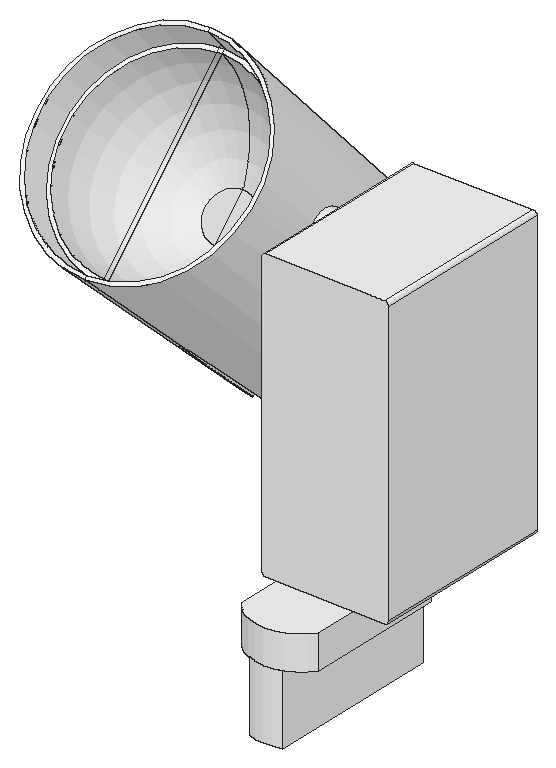
Revit family "0004871 Feilo Sylvania Lighting Fixture START TRACK SPOT S 14W 4K RA90 NB WHITE", category Lighting Fixtures, host Face, Revit 2017 (continued)
Definition of nested family "Start Track Spot Head"
  Types (96, lengths in mm): name | Wattage | built-in parameter 1150134 | Photometric Web File | Model | built-in parameter 1150105 | Lumens | built-in parameter 1150107 | built-in parameter 1150106 | HeadThickness_FEILO | HeadRibOffset_FEILO | HeadRibDepth_FEILO | HeadRibCutWidth_FEILO | HeadRibCutOffset_FEILO | HeadReflectorRadius_FEILO | HeadReflectorOffset_FEILO | HeadLEDRadius_FEILO | HeadHeight_FEILO | HeadDiffusorOffset_FEILO | HeadDiaOut_FEILO | HeadDiaIn_FEILO | HeadAxisFromTop_FEILO | Emit from Circle Diameter | built-in parameter 1150104 | Description | Apparent Load
    0004864 START TRACK SPOT S 24W 3K RA90 WB WHITE | 24 W | (empty or 0) | "0004864.ies" | "START TRACK SPOT S 24W 3K RA90 WB WHITE" | 152.79 (stored number, unit not read) | 1920 lm | 3000 (stored number, unit not read) | 1.5279 (stored number, unit not read) | 1.5 | 4.179 | 55.714 | 7.167 | 50.87 | 50.588 | 55.714 | 9.556 | 117 | 9.435 | 86 | 77.477 | 69.354 | 77.477 | 7.4322 (stored number, unit not read) | "Integrated LED spotlight, Textured White - RAL9016, compact and minimalist design, ideal for retail applications, die-cast aluminium body, passive cooling heatsink. Beam angle: 64°, color temperature: 3000K , total system power: 24W, total fixture output: 1928 lm, LOR: 100%, colour rendering: Ra: 90 typical, LED Chromaticity: 3 step MacAdam ellipse, lifetime: >50000 hours at L70B50, energy class: A++, A+, A, IR/UV free light source without heat radiation, operating voltage: 220-240V / 50-60Hz, drive current: 600mA, electronic driver, non-dimmable, power factor: 0.95, electrical protection: Class II, Global Track 3 Phase adapter suitable for Global trac 3-circuit tracks, ingress protection rating: IP20, suitable for internal environment only, horizontal rotation: 355°, vertical tilt: 90°, dimensions: Ø86x140x200, weight: 0.966kg." | 24 VA
    0004863 START TRACK SPOT S 24W 3K RA90 MB WHITE | 24 W | (empty or 0) | "0004863.ies" | "START TRACK SPOT S 24W 3K RA90 MB WHITE" | 154.7 (stored number, unit not read) | 1944 lm | 3000 (stored number, unit not read) | 1.547 (stored number, unit not read) | 1.5 | 4.179 | 55.714 | 7.167 | 50.87 | 50.588 | 55.714 | 9.556 | 117 | 9.435 | 86 | 77.477 | 69.354 | 77.477 | 7.5251 (stored number, unit not read) | "Integrated LED spotlight, Textured White - RAL9016, compact and minimalist design, ideal for retail applications, die-cast aluminium body, passive cooling heatsink. Beam angle: 36°, color temperature: 3000K , total system power: 24W, total fixture output: 1944 lm, LOR: 100%, colour rendering: Ra: 90 typical, LED Chromaticity: 3 step MacAdam ellipse, lifetime: >50000 hours at L70B50, energy class: A++, A+, A, IR/UV free light source without heat radiation, operating voltage: 220-240V / 50-60Hz, drive current: 600mA, electronic driver, non-dimmable, power factor: 0.95, electrical protection: Class II, Global Track 3 Phase adapter suitable for Global trac 3-circuit tracks, ingress protection rating: IP20, suitable for internal environment only, horizontal rotation: 355°, vertical tilt: 90°, dimensions: Ø86x140x200, weight: 0.966kg." | 24 VA
    0004862 START TRACK SPOT S 24W 3K RA90 NB WHITE | 24 W | (empty or 0) | "0004862.ies" | "START TRACK SPOT S 24W 3K RA90 NB WHITE" | 158.52 (stored number, unit not read) | 1992 lm | 3000 (stored number, unit not read) | 1.5852 (stored number, unit not read) | 1.5 | 4.179 | 55.714 | 7.167 | 50.87 | 50.588 | 55.714 | 9.556 | 117 | 9.435 | 86 | 77.477 | 69.354 | 77.477 | 7.711 (stored number, unit not read) | "Integrated LED spotlight, Textured White - RAL9016, compact and minimalist design, ideal for retail applications, die-cast aluminium body, passive cooling heatsink. Beam angle: 12°, color temperature: 3000K , total system power: 24W, total fixture output: 1987 lm, LOR: 100%, colour rendering: Ra: 90 typical, LED Chromaticity: 3 step MacAdam ellipse, lifetime: >50000 hours at L70B50, energy class: A++, A+, A, IR/UV free light source without heat radiation, operating voltage: 220-240V / 50-60Hz, drive current: 600mA, electronic driver, non-dimmable, power factor: 0.95, electrical protection: Class II, Global Track 3 Phase adapter suitable for Global trac 3-circuit tracks, ingress protection rating: IP20, suitable for internal environment only, horizontal rotation: 355°, vertical tilt: 90°, dimensions: Ø86x140x200, weight: 0.966kg." | 24 VA
    0004861 START TRACK SPOT S 14W 3K RA90 WB WHITE | 14 W | (empty or 0) | "0004861.ies" | "START TRACK SPOT S 14W 3K RA90 WB WHITE" | 100.27 (stored number, unit not read) | 1260 lm | 3000 (stored number, unit not read) | 1.0027 (stored number, unit not read) | 1.5 | 4.179 | 55.714 | 7.167 | 50.87 | 50.588 | 55.714 | 9.556 | 117 | 9.435 | 86 | 77.477 | 69.354 | 77.477 | 8.3613 (stored number, unit not read) | "Integrated LED spotlight, Textured White - RAL9016, compact and minimalist design, ideal for retail applications, die-cast aluminium body, passive cooling heatsink. Beam angle: 64°, color temperature: 3000K , total system power: 14W, total fixture output: 1262 lm, LOR: 100%, colour rendering: Ra: 90 typical, LED Chromaticity: 3 step MacAdam ellipse, lifetime: >50000 hours at L70B50, energy class: A++, A+, A, IR/UV free light source without heat radiation, operating voltage: 220-240V / 50-60Hz, drive current: 350mA, electronic driver, non-dimmable, power factor: 0.92, electrical protection: Class II, Global Track 3 Phase adapter suitable for Global trac 3-circuit tracks, ingress protection rating: IP20, suitable for internal environment only, horizontal rotation: 355°, vertical tilt: 90°, dimensions: Ø86x140x200, weight: 0.940kg." | 14 VA
    0004860 START TRACK SPOT S 14W 3K RA90 MB WHITE | 14 W | (empty or 0) | "0004860.ies" | "START TRACK SPOT S 14W 3K RA90 MB WHITE" | 100.27 (stored number, unit not read) | 1260 lm | 3000 (stored number, unit not read) | 1.0027 (stored number, unit not read) | 1.5 | 4.179 | 55.714 | 7.167 | 50.87 | 50.588 | 55.714 | 9.556 | 117 | 9.435 | 86 | 77.477 | 69.354 | 77.477 | 8.3613 (stored number, unit not read) | "Integrated LED spotlight, Textured White - RAL9016, compact and minimalist design, ideal for retail applications, die-cast aluminium body, passive cooling heatsink. Beam angle: 36°, color temperature: 3000K , total system power: 14W, total fixture output: 1262 lm, LOR: 100%, colour rendering: Ra: 90 typical, LED Chromaticity: 3 step MacAdam ellipse, lifetime: >50000 hours at L70B50, energy class: A++, A+, A, IR/UV free light source without heat radiation, operating voltage: 220-240V / 50-60Hz, drive current: 350mA, electronic driver, non-dimmable, power factor: 0.92, electrical protection: Class II, Global Track 3 Phase adapter suitable for Global trac 3-circuit tracks, ingress protection rating: IP20, suitable for internal environment only, horizontal rotation: 355°, vertical tilt: 90°, dimensions: Ø86x140x200, weight: 0.940kg." | 14 VA
    0004859 START TRACK SPOT S 14W 3K RA90 NB WHITE | 14 W | (empty or 0) | "0004859.ies" | "START TRACK SPOT S 14W 3K RA90 NB WHITE" | 102.5 (stored number, unit not read) | 1288 lm | 3000 (stored number, unit not read) | 1.025 (stored number, unit not read) | 1.5 | 4.179 | 55.714 | 7.167 | 50.87 | 50.588 | 55.714 | 9.556 | 117 | 9.435 | 86 | 77.477 | 69.354 | 77.477 | 8.5471 (stored number, unit not read) | "Integrated LED spotlight, Textured White - RAL9016, compact and minimalist design, ideal for retail applications, die-cast aluminium body, passive cooling heatsink. Beam angle: 12°, color temperature: 3000K , total system power: 14W, total fixture output: 1284 lm, LOR: 100%, colour rendering: Ra: 90 typical, LED Chromaticity: 3 step MacAdam ellipse, lifetime: >50000 hours at L70B50, energy class: A++, A+, A, IR/UV free light source without heat radiation, operating voltage: 220-240V / 50-60Hz, drive current: 350mA, electronic driver, non-dimmable, power factor: 0.92, electrical protection: Class II, Global Track 3 Phase adapter suitable for Global trac 3-circuit tracks, ingress protection rating: IP20, suitable for internal environment only, horizontal rotation: 355°, vertical tilt: 90°, dimensions: Ø86x140x200, weight: 0.940kg." | 14 VA
    0004858 START TRACK SPOT L 55W 4K RA80 WB BLACK | 55 W | 12 | "0004858.ies" | "START TRACK SPOT L 55W 4K RA80 WB BLACK" | 424.55 (stored number, unit not read) | 5335 lm | 4000 (stored number, unit not read) | 4.2455 (stored number, unit not read) | 2 | 4.429 | 59.048 | 9.417 | 53.913 | 66.471 | 59.048 | 12.556 | 124 | 10 | 113 | 101.802 | 73.503 | 101.802 | 9.0116 (stored number, unit not read) | "Integrated LED spotlight, Textured Black - RAL9005, compact and minimalist design, ideal for retail applications, die-cast aluminium body, passive cooling heatsink. Beam angle: 52°, color temperature: 4000K , total system power: 55W, total fixture output: 5320 lm, LOR: 100%, colour rendering: Ra: 80 typical, LED Chromaticity: 3 step MacAdam ellipse, lifetime: >50000 hours at L70B50, energy class: A++, A+, A, IR/UV free light source without heat radiation, operating voltage: 220-240V / 50-60Hz, drive current: 1400mA, electronic driver, non-dimmable, power factor: 0.96, electrical protection: Class II, Global Track 3 Phase adapter suitable for Global trac 3-circuit tracks, ingress protection rating: IP20, suitable for internal environment only, horizontal rotation: 355°, vertical tilt: 90°, dimensions: Ø113x164x240, weight: 1.398kg." | 55 VA
    0004857 START TRACK SPOT L 55W 4K RA80 MB BLACK | 55 W | 12 | "0004857.ies" | "START TRACK SPOT L 55W 4K RA80 MB BLACK" | 428.92 (stored number, unit not read) | 5390 lm | 4000 (stored number, unit not read) | 4.2892 (stored number, unit not read) | 2 | 4.429 | 59.048 | 9.417 | 53.913 | 66.471 | 59.048 | 12.556 | 124 | 10 | 113 | 101.802 | 73.503 | 101.802 | 9.1045 (stored number, unit not read) | "Integrated LED spotlight, Textured Black - RAL9005, compact and minimalist design, ideal for retail applications, die-cast aluminium body, passive cooling heatsink. Beam angle: 38°, color temperature: 4000K , total system power: 55W, total fixture output: 5378 lm, LOR: 100%, colour rendering: Ra: 80 typical, LED Chromaticity: 3 step MacAdam ellipse, lifetime: >50000 hours at L70B50, energy class: A++, A+, A, IR/UV free light source without heat radiation, operating voltage: 220-240V / 50-60Hz, drive current: 1400mA, electronic driver, non-dimmable, power factor: 0.96, electrical protection: Class II, Global Track 3 Phase adapter suitable for Global trac 3-circuit tracks, ingress protection rating: IP20, suitable for internal environment only, horizontal rotation: 355°, vertical tilt: 90°, dimensions: Ø113x164x240, weight: 1.398kg." | 55 VA
    0004856 START TRACK SPOT L 55W 4K RA80 NB BLACK | 55 W | 12 | "0004856.ies" | "START TRACK SPOT L 55W 4K RA80 NB BLACK" | 433.3 (stored number, unit not read) | 5445 lm | 4000 (stored number, unit not read) | 4.333 (stored number, unit not read) | 2 | 4.429 | 59.048 | 9.417 | 53.913 | 66.471 | 59.048 | 12.556 | 124 | 10 | 113 | 101.802 | 73.503 | 101.802 | 9.1974 (stored number, unit not read) | "Integrated LED spotlight, Textured Black - RAL9005, compact and minimalist design, ideal for retail applications, die-cast aluminium body, passive cooling heatsink. Beam angle: 15°, color temperature: 4000K , total system power: 55W, total fixture output: 5426 lm, LOR: 100%, colour rendering: Ra: 80 typical, LED Chromaticity: 3 step MacAdam ellipse, lifetime: >50000 hours at L70B50, energy class: A++, A+, A, IR/UV free light source without heat radiation, operating voltage: 220-240V / 50-60Hz, drive current: 1400mA, electronic driver, non-dimmable, power factor: 0.96, electrical protection: Class II, Global Track 3 Phase adapter suitable for Global trac 3-circuit tracks, ingress protection rating: IP20, suitable for internal environment only, horizontal rotation: 355°, vertical tilt: 90°, dimensions: Ø113x164x240, weight: 1.398kg." | 55 VA
    0004855 START TRACK SPOT L 35W 4K RA80 WB BLACK | 35 W | 12 | "0004855.ies" | "START TRACK SPOT L 35W 4K RA80 WB BLACK" | 320.3 (stored number, unit not read) | 4025 lm | 4000 (stored number, unit not read) | 3.203 (stored number, unit not read) | 2 | 4.429 | 59.048 | 9.417 | 53.913 | 66.471 | 59.048 | 12.556 | 124 | 10 | 113 | 101.802 | 73.503 | 101.802 | 10.684 (stored number, unit not read) | "Integrated LED spotlight, Textured Black - RAL9005, compact and minimalist design, ideal for retail applications, die-cast aluminium body, passive cooling heatsink. Beam angle: 52°, color temperature: 4000K , total system power: 35W, total fixture output: 4010 lm, LOR: 100%, colour rendering: Ra: 80 typical, LED Chromaticity: 3 step MacAdam ellipse, lifetime: >50000 hours at L70B50, energy class: A++, A+, A, IR/UV free light source without heat radiation, operating voltage: 220-240V / 50-60Hz, drive current: 900mA, electronic driver, non-dimmable, power factor: 0.93, electrical protection: Class II, Global Track 3 Phase adapter suitable for Global trac 3-circuit tracks, ingress protection rating: IP20, suitable for internal environment only, horizontal rotation: 355°, vertical tilt: 90°, dimensions: Ø113x164x240, weight: 1.368kg." | 35 VA
    0004854 START TRACK SPOT L 35W 4K RA80 MB BLACK | 35 W | 12 | "0004854.ies" | "START TRACK SPOT L 35W 4K RA80 MB BLACK" | 320.3 (stored number, unit not read) | 4025 lm | 4000 (stored number, unit not read) | 3.203 (stored number, unit not read) | 2 | 4.429 | 59.048 | 9.417 | 53.913 | 66.471 | 59.048 | 12.556 | 124 | 10 | 113 | 101.802 | 73.503 | 101.802 | 10.684 (stored number, unit not read) | "Integrated LED spotlight, Textured Black - RAL9005, compact and minimalist design, ideal for retail applications, die-cast aluminium body, passive cooling heatsink. Beam angle: 38°, color temperature: 4000K , total system power: 35W, total fixture output: 4017 lm, LOR: 100%, colour rendering: Ra: 80 typical, LED Chromaticity: 3 step MacAdam ellipse, lifetime: >50000 hours at L70B50, energy class: A++, A+, A, IR/UV free light source without heat radiation, operating voltage: 220-240V / 50-60Hz, drive current: 900mA, electronic driver, non-dimmable, power factor: 0.93, electrical protection: Class II, Global Track 3 Phase adapter suitable for Global trac 3-circuit tracks, ingress protection rating: IP20, suitable for internal environment only, horizontal rotation: 355°, vertical tilt: 90°, dimensions: Ø113x164x240, weight: 1.368kg." | 35 VA
    0004853 START TRACK SPOT L 35W 4K RA80 NB BLACK | 35 W | 12 | "0004853.ies" | "START TRACK SPOT L 35W 4K RA80 NB BLACK" | 331.44 (stored number, unit not read) | 4165 lm | 4000 (stored number, unit not read) | 3.3144 (stored number, unit not read) | 2 | 4.429 | 59.048 | 9.417 | 53.913 | 66.471 | 59.048 | 12.556 | 124 | 10 | 113 | 101.802 | 73.503 | 101.802 | 11.055 (stored number, unit not read) | "Integrated LED spotlight, Textured Black - RAL9005, compact and minimalist design, ideal for retail applications, die-cast aluminium body, passive cooling heatsink. Beam angle: 15°, color temperature: 4000K , total system power: 35W, total fixture output: 4174 lm, LOR: 100%, colour rendering: Ra: 80 typical, LED Chromaticity: 3 step MacAdam ellipse, lifetime: >50000 hours at L70B50, energy class: A++, A+, A, IR/UV free light source without heat radiation, operating voltage: 220-240V / 50-60Hz, drive current: 900mA, electronic driver, non-dimmable, power factor: 0.93, electrical protection: Class II, Global Track 3 Phase adapter suitable for Global trac 3-circuit tracks, ingress protection rating: IP20, suitable for internal environment only, horizontal rotation: 355°, vertical tilt: 90°, dimensions: Ø113x164x240, weight: 1.368kg." | 35 VA
    0004852 START TRACK SPOT S 24W 4K RA80 WB BLACK | 24 W | 12 | "0004852.ies" | "START TRACK SPOT S 24W 4K RA80 WB BLACK" | 196.72 (stored number, unit not read) | 2472 lm | 4000 (stored number, unit not read) | 1.9672 (stored number, unit not read) | 1.5 | 4.179 | 55.714 | 7.167 | 50.87 | 50.588 | 55.714 | 9.556 | 117 | 9.435 | 86 | 77.477 | 69.354 | 77.477 | 9.569 (stored number, unit not read) | "Integrated LED spotlight, Textured Black - RAL9005, compact and minimalist design, ideal for retail applications, die-cast aluminium body, passive cooling heatsink. Beam angle: 64°, color temperature: 4000K , total system power: 24W, total fixture output: 2476 lm, LOR: 100%, colour rendering: Ra: 80 typical, LED Chromaticity: 3 step MacAdam ellipse, lifetime: >50000 hours at L70B50, energy class: A++, A+, A, IR/UV free light source without heat radiation, operating voltage: 220-240V / 50-60Hz, drive current: 600mA, electronic driver, non-dimmable, power factor: 0.95, electrical protection: Class II, Global Track 3 Phase adapter suitable for Global trac 3-circuit tracks, ingress protection rating: IP20, suitable for internal environment only, horizontal rotation: 355°, vertical tilt: 90°, dimensions: Ø86x140x200, weight: 0.966kg." | 24 VA
    0004851 START TRACK SPOT S 24W 4K RA80 MB BLACK | 24 W | 12 | "0004851.ies" | "START TRACK SPOT S 24W 4K RA80 MB BLACK" | 198.63 (stored number, unit not read) | 2496 lm | 4000 (stored number, unit not read) | 1.9863 (stored number, unit not read) | 1.5 | 4.179 | 55.714 | 7.167 | 50.87 | 50.588 | 55.714 | 9.556 | 117 | 9.435 | 86 | 77.477 | 69.354 | 77.477 | 9.6619 (stored number, unit not read) | "Integrated LED spotlight, Textured Black - RAL9005, compact and minimalist design, ideal for retail applications, die-cast aluminium body, passive cooling heatsink. Beam angle: 36°, color temperature: 4000K , total system power: 24W, total fixture output: 2487 lm, LOR: 100%, colour rendering: Ra: 80 typical, LED Chromaticity: 3 step MacAdam ellipse, lifetime: >50000 hours at L70B50, energy class: A++, A+, A, IR/UV free light source without heat radiation, operating voltage: 220-240V / 50-60Hz, drive current: 600mA, electronic driver, non-dimmable, power factor: 0.95, electrical protection: Class II, Global Track 3 Phase adapter suitable for Global trac 3-circuit tracks, ingress protection rating: IP20, suitable for internal environment only, horizontal rotation: 355°, vertical tilt: 90°, dimensions: Ø86x140x200, weight: 0.966kg." | 24 VA
    0004850 START TRACK SPOT S 24W 4K RA80 NB BLACK | 24 W | 12 | "0004850.ies" | "START TRACK SPOT S 24W 4K RA80 NB BLACK" | 200.54 (stored number, unit not read) | 2520 lm | 4000 (stored number, unit not read) | 2.0054 (stored number, unit not read) | 1.5 | 4.179 | 55.714 | 7.167 | 50.87 | 50.588 | 55.714 | 9.556 | 117 | 9.435 | 86 | 77.477 | 69.354 | 77.477 | 9.7548 (stored number, unit not read) | "Integrated LED spotlight, Textured Black - RAL9005, compact and minimalist design, ideal for retail applications, die-cast aluminium body, passive cooling heatsink. Beam angle: 12°, color temperature: 4000K , total system power: 24W, total fixture output: 2529 lm, LOR: 100%, colour rendering: Ra: 80 typical, LED Chromaticity: 3 step MacAdam ellipse, lifetime: >50000 hours at L70B50, energy class: A++, A+, A, IR/UV free light source without heat radiation, operating voltage: 220-240V / 50-60Hz, drive current: 600mA, electronic driver, non-dimmable, power factor: 0.95, electrical protection: Class II, Global Track 3 Phase adapter suitable for Global trac 3-circuit tracks, ingress protection rating: IP20, suitable for internal environment only, horizontal rotation: 355°, vertical tilt: 90°, dimensions: Ø86x140x200, weight: 0.966kg." | 24 VA
    0004849 START TRACK SPOT S 14W 4K RA80 WB BLACK | 14 W | 12 | "0004849.ies" | "START TRACK SPOT S 14W 4K RA80 WB BLACK" | 123.66 (stored number, unit not read) | 1554 lm | 4000 (stored number, unit not read) | 1.2366 (stored number, unit not read) | 1.5 | 4.179 | 55.714 | 7.167 | 50.87 | 50.588 | 55.714 | 9.556 | 117 | 9.435 | 86 | 77.477 | 69.354 | 77.477 | 10.312 (stored number, unit not read) | "Integrated LED spotlight, Textured Black - RAL9005, compact and minimalist design, ideal for retail applications, die-cast aluminium body, passive cooling heatsink. Beam angle: 64°, color temperature: 4000K , total system power: 14W, total fixture output: 1558 lm, LOR: 100%, colour rendering: Ra: 80 typical, LED Chromaticity: 3 step MacAdam ellipse, lifetime: >50000 hours at L70B50, energy class: A++, A+, A, IR/UV free light source without heat radiation, operating voltage: 220-240V / 50-60Hz, drive current: 350mA, electronic driver, non-dimmable, power factor: 0.92, electrical protection: Class II, Global Track 3 Phase adapter suitable for Global trac 3-circuit tracks, ingress protection rating: IP20, suitable for internal environment only, horizontal rotation: 355°, vertical tilt: 90°, dimensions: Ø86x140x200, weight: 0.940kg." | 14 VA
    0004848 START TRACK SPOT S 14W 4K RA80 MB BLACK | 14 W | 12 | "0004848.ies" | "START TRACK SPOT S 14W 4K RA80 MB BLACK" | 127.01 (stored number, unit not read) | 1596 lm | 4000 (stored number, unit not read) | 1.2701 (stored number, unit not read) | 1.5 | 4.179 | 55.714 | 7.167 | 50.87 | 50.588 | 55.714 | 9.556 | 117 | 9.435 | 86 | 77.477 | 69.354 | 77.477 | 10.591 (stored number, unit not read) | "Integrated LED spotlight, Textured Black - RAL9005, compact and minimalist design, ideal for retail applications, die-cast aluminium body, passive cooling heatsink. Beam angle: 36°, color temperature: 4000K , total system power: 14W, total fixture output: 1598 lm, LOR: 100%, colour rendering: Ra: 80 typical, LED Chromaticity: 3 step MacAdam ellipse, lifetime: >50000 hours at L70B50, energy class: A++, A+, A, IR/UV free light source without heat radiation, operating voltage: 220-240V / 50-60Hz, drive current: 350mA, electronic driver, non-dimmable, power factor: 0.92, electrical protection: Class II, Global Track 3 Phase adapter suitable for Global trac 3-circuit tracks, ingress protection rating: IP20, suitable for internal environment only, horizontal rotation: 355°, vertical tilt: 90°, dimensions: Ø86x140x200, weight: 0.940kg." | 14 VA
    0004847 START TRACK SPOT S 14W 4K RA80 NB BLACK | 14 W | 12 | "0004847.ies" | "START TRACK SPOT S 14W 4K RA80 NB BLACK" | 128.12 (stored number, unit not read) | 1610 lm | 4000 (stored number, unit not read) | 1.2812 (stored number, unit not read) | 1.5 | 4.179 | 55.714 | 7.167 | 50.87 | 50.588 | 55.714 | 9.556 | 117 | 9.435 | 86 | 77.477 | 69.354 | 77.477 | 10.684 (stored number, unit not read) | "Integrated LED spotlight, Textured Black - RAL9005, compact and minimalist design, ideal for retail applications, die-cast aluminium body, passive cooling heatsink. Beam angle: 12°, color temperature: 4000K , total system power: 14W, total fixture output: 1608 lm, LOR: 100%, colour rendering: Ra: 80 typical, LED Chromaticity: 3 step MacAdam ellipse, lifetime: >50000 hours at L70B50, energy class: A++, A+, A, IR/UV free light source without heat radiation, operating voltage: 220-240V / 50-60Hz, drive current: 350mA, electronic driver, non-dimmable, power factor: 0.92, electrical protection: Class II, Global Track 3 Phase adapter suitable for Global trac 3-circuit tracks, ingress protection rating: IP20, suitable for internal environment only, horizontal rotation: 355°, vertical tilt: 90°, dimensions: Ø86x140x200, weight: 0.940kg." | 14 VA
    0004846 START TRACK SPOT L 55W 3K RA80 WB BLACK | 55 W | (empty or 0) | "0004846.ies" | "START TRACK SPOT L 55W 3K RA80 WB BLACK" | 420.17 (stored number, unit not read) | 5280 lm | 3000 (stored number, unit not read) | 4.2017 (stored number, unit not read) | 2 | 4.429 | 59.048 | 9.417 | 53.913 | 66.471 | 59.048 | 12.556 | 124 | 10 | 113 | 101.802 | 73.503 | 101.802 | 8.9187 (stored number, unit not read) | "Integrated LED spotlight, Textured Black - RAL9005, compact and minimalist design, ideal for retail applications, die-cast aluminium body, passive cooling heatsink. Beam angle: 52°, color temperature: 3000K , total system power: 55W, total fixture output: 5298 lm, LOR: 100%, colour rendering: Ra: 80 typical, LED Chromaticity: 3 step MacAdam ellipse, lifetime: >50000 hours at L70B50, energy class: A++, A+, A, IR/UV free light source without heat radiation, operating voltage: 220-240V / 50-60Hz, drive current: 1400mA, electronic driver, non-dimmable, power factor: 0.96, electrical protection: Class II, Global Track 3 Phase adapter suitable for Global trac 3-circuit tracks, ingress protection rating: IP20, suitable for internal environment only, horizontal rotation: 355°, vertical tilt: 90°, dimensions: Ø113x164x240, weight: 1.398kg." | 55 VA
    0004845 START TRACK SPOT L 55W 3K RA80 MB BLACK | 55 W | (empty or 0) | "0004845.ies" | "START TRACK SPOT L 55W 3K RA80 MB BLACK" | 428.92 (stored number, unit not read) | 5390 lm | 3000 (stored number, unit not read) | 4.2892 (stored number, unit not read) | 2 | 4.429 | 59.048 | 9.417 | 53.913 | 66.471 | 59.048 | 12.556 | 124 | 10 | 113 | 101.802 | 73.503 | 101.802 | 9.1045 (stored number, unit not read) | "Integrated LED spotlight, Textured Black - RAL9005, compact and minimalist design, ideal for retail applications, die-cast aluminium body, passive cooling heatsink. Beam angle: 38°, color temperature: 3000K , total system power: 55W, total fixture output: 5381 lm, LOR: 100%, colour rendering: Ra: 80 typical, LED Chromaticity: 3 step MacAdam ellipse, lifetime: >50000 hours at L70B50, energy class: A++, A+, A, IR/UV free light source without heat radiation, operating voltage: 220-240V / 50-60Hz, drive current: 1400mA, electronic driver, non-dimmable, power factor: 0.96, electrical protection: Class II, Global Track 3 Phase adapter suitable for Global trac 3-circuit tracks, ingress protection rating: IP20, suitable for internal environment only, horizontal rotation: 355°, vertical tilt: 90°, dimensions: Ø113x164x240, weight: 1.398kg." | 55 VA
    0004844 START TRACK SPOT L 55W 3K RA80 NB BLACK | 55 W | (empty or 0) | "0004844.ies" | "START TRACK SPOT L 55W 3K RA80 NB BLACK" | 433.3 (stored number, unit not read) | 5445 lm | 3000 (stored number, unit not read) | 4.333 (stored number, unit not read) | 2 | 4.429 | 59.048 | 9.417 | 53.913 | 66.471 | 59.048 | 12.556 | 124 | 10 | 113 | 101.802 | 73.503 | 101.802 | 9.1974 (stored number, unit not read) | "Integrated LED spotlight, Textured Black - RAL9005, compact and minimalist design, ideal for retail applications, die-cast aluminium body, passive cooling heatsink. Beam angle: 15°, color temperature: 3000K , total system power: 55W, total fixture output: 5449 lm, LOR: 100%, colour rendering: Ra: 80 typical, LED Chromaticity: 3 step MacAdam ellipse, lifetime: >50000 hours at L70B50, energy class: A++, A+, A, IR/UV free light source without heat radiation, operating voltage: 220-240V / 50-60Hz, drive current: 1400mA, electronic driver, non-dimmable, power factor: 0.96, electrical protection: Class II, Global Track 3 Phase adapter suitable for Global trac 3-circuit tracks, ingress protection rating: IP20, suitable for internal environment only, horizontal rotation: 355°, vertical tilt: 90°, dimensions: Ø113x164x240, weight: 1.398kg." | 55 VA
    0004843 START TRACK SPOT L 35W 3K RA80 WB BLACK | 35 W | (empty or 0) | "0004843.ies" | "START TRACK SPOT L 35W 3K RA80 WB BLACK" | 314.73 (stored number, unit not read) | 3955 lm | 3000 (stored number, unit not read) | 3.1473 (stored number, unit not read) | 2 | 4.429 | 59.048 | 9.417 | 53.913 | 66.471 | 59.048 | 12.556 | 124 | 10 | 113 | 101.802 | 73.503 | 101.802 | 10.498 (stored number, unit not read) | "Integrated LED spotlight, Textured Black - RAL9005, compact and minimalist design, ideal for retail applications, die-cast aluminium body, passive cooling heatsink. Beam angle: 52°, color temperature: 3000K , total system power: 35W, total fixture output: 3943 lm, LOR: 100%, colour rendering: Ra: 80 typical, LED Chromaticity: 3 step MacAdam ellipse, lifetime: >50000 hours at L70B50, energy class: A++, A+, A, IR/UV free light source without heat radiation, operating voltage: 220-240V / 50-60Hz, drive current: 900mA, electronic driver, non-dimmable, power factor: 0.93, electrical protection: Class II, Global Track 3 Phase adapter suitable for Global trac 3-circuit tracks, ingress protection rating: IP20, suitable for internal environment only, horizontal rotation: 355°, vertical tilt: 90°, dimensions: Ø113x164x240, weight: 1.368kg." | 35 VA
    0004842 START TRACK SPOT L 35W 3K RA80 MB BLACK | 35 W | (empty or 0) | "0004842.ies" | "START TRACK SPOT L 35W 3K RA80 MB BLACK" | 320.3 (stored number, unit not read) | 4025 lm | 3000 (stored number, unit not read) | 3.203 (stored number, unit not read) | 2 | 4.429 | 59.048 | 9.417 | 53.913 | 66.471 | 59.048 | 12.556 | 124 | 10 | 113 | 101.802 | 73.503 | 101.802 | 10.684 (stored number, unit not read) | "Integrated LED spotlight, Textured Black - RAL9005, compact and minimalist design, ideal for retail applications, die-cast aluminium body, passive cooling heatsink. Beam angle: 38°, color temperature: 3000K , total system power: 35W, total fixture output: 4008 lm, LOR: 100%, colour rendering: Ra: 80 typical, LED Chromaticity: 3 step MacAdam ellipse, lifetime: >50000 hours at L70B50, energy class: A++, A+, A, IR/UV free light source without heat radiation, operating voltage: 220-240V / 50-60Hz, drive current: 900mA, electronic driver, non-dimmable, power factor: 0.93, electrical protection: Class II, Global Track 3 Phase adapter suitable for Global trac 3-circuit tracks, ingress protection rating: IP20, suitable for internal environment only, horizontal rotation: 355°, vertical tilt: 90°, dimensions: Ø113x164x240, weight: 1.368kg." | 35 VA
    0004841 START TRACK SPOT L 35W 3K RA80 NB BLACK | 35 W | (empty or 0) | "0004841.ies" | "START TRACK SPOT L 35W 3K RA80 NB BLACK" | 317.51 (stored number, unit not read) | 3990 lm | 3000 (stored number, unit not read) | 3.1751 (stored number, unit not read) | 2 | 4.429 | 59.048 | 9.417 | 53.913 | 66.471 | 59.048 | 12.556 | 124 | 10 | 113 | 101.802 | 73.503 | 101.802 | 10.591 (stored number, unit not read) | "Integrated LED spotlight, Textured Black - RAL9005, compact and minimalist design, ideal for retail applications, die-cast aluminium body, passive cooling heatsink. Beam angle: 15°, color temperature: 3000K , total system power: 35W, total fixture output: 4005 lm, LOR: 100%, colour rendering: Ra: 80 typical, LED Chromaticity: 3 step MacAdam ellipse, lifetime: >50000 hours at L70B50, energy class: A++, A+, A, IR/UV free light source without heat radiation, operating voltage: 220-240V / 50-60Hz, drive current: 900mA, electronic driver, non-dimmable, power factor: 0.93, electrical protection: Class II, Global Track 3 Phase adapter suitable for Global trac 3-circuit tracks, ingress protection rating: IP20, suitable for internal environment only, horizontal rotation: 355°, vertical tilt: 90°, dimensions: Ø113x164x240, weight: 1.368kg." | 35 VA
    0004840 START TRACK SPOT S 24W 3K RA80 WB BLACK | 24 W | (empty or 0) | "0004840.ies" | "START TRACK SPOT S 24W 3K RA80 WB BLACK" | 185.26 (stored number, unit not read) | 2328 lm | 3000 (stored number, unit not read) | 1.8526 (stored number, unit not read) | 1.5 | 4.179 | 55.714 | 7.167 | 50.87 | 50.588 | 55.714 | 9.556 | 117 | 9.435 | 86 | 77.477 | 69.354 | 77.477 | 9.0116 (stored number, unit not read) | "Integrated LED spotlight, Textured Black - RAL9005, compact and minimalist design, ideal for retail applications, die-cast aluminium body, passive cooling heatsink. Beam angle: 64°, color temperature: 3000K , total system power: 24W, total fixture output: 2318 lm, LOR: 100%, colour rendering: Ra: 80 typical, LED Chromaticity: 3 step MacAdam ellipse, lifetime: >50000 hours at L70B50, energy class: A++, A+, A, IR/UV free light source without heat radiation, operating voltage: 220-240V / 50-60Hz, drive current: 600mA, electronic driver, non-dimmable, power factor: 0.95, electrical protection: Class II, Global Track 3 Phase adapter suitable for Global trac 3-circuit tracks, ingress protection rating: IP20, suitable for internal environment only, horizontal rotation: 355°, vertical tilt: 90°, dimensions: Ø86x140x200, weight: 0.966kg." | 24 VA
    0004839 START TRACK SPOT S 24W 3K RA80 MB BLACK | 24 W | (empty or 0) | "0004839.ies" | "START TRACK SPOT S 24W 3K RA80 MB BLACK" | 183.35 (stored number, unit not read) | 2304 lm | 3000 (stored number, unit not read) | 1.8335 (stored number, unit not read) | 1.5 | 4.179 | 55.714 | 7.167 | 50.87 | 50.588 | 55.714 | 9.556 | 117 | 9.435 | 86 | 77.477 | 69.354 | 77.477 | 8.9187 (stored number, unit not read) | "Integrated LED spotlight, Textured Black - RAL9005, compact and minimalist design, ideal for retail applications, die-cast aluminium body, passive cooling heatsink. Beam angle: 36°, color temperature: 3000K , total system power: 24W, total fixture output: 2314 lm, LOR: 100%, colour rendering: Ra: 80 typical, LED Chromaticity: 3 step MacAdam ellipse, lifetime: >50000 hours at L70B50, energy class: A++, A+, A, IR/UV free light source without heat radiation, operating voltage: 220-240V / 50-60Hz, drive current: 600mA, electronic driver, non-dimmable, power factor: 0.95, electrical protection: Class II, Global Track 3 Phase adapter suitable for Global trac 3-circuit tracks, ingress protection rating: IP20, suitable for internal environment only, horizontal rotation: 355°, vertical tilt: 90°, dimensions: Ø86x140x200, weight: 0.966kg." | 24 VA
    0004838 START TRACK SPOT S 24W 3K RA80 NB BLACK | 24 W | (empty or 0) | "0004838.ies" | "START TRACK SPOT S 24W 3K RA80 NB BLACK" | 185.26 (stored number, unit not read) | 2328 lm | 3000 (stored number, unit not read) | 1.8526 (stored number, unit not read) | 1.5 | 4.179 | 55.714 | 7.167 | 50.87 | 50.588 | 55.714 | 9.556 | 117 | 9.435 | 86 | 77.477 | 69.354 | 77.477 | 9.0116 (stored number, unit not read) | "Integrated LED spotlight, Textured Black - RAL9005, compact and minimalist design, ideal for retail applications, die-cast aluminium body, passive cooling heatsink. Beam angle: 12°, color temperature: 3000K , total system power: 24W, total fixture output: 2334 lm, LOR: 100%, colour rendering: Ra: 80 typical, LED Chromaticity: 3 step MacAdam ellipse, lifetime: >50000 hours at L70B50, energy class: A++, A+, A, IR/UV free light source without heat radiation, operating voltage: 220-240V / 50-60Hz, drive current: 600mA, electronic driver, non-dimmable, power factor: 0.95, electrical protection: Class II, Global Track 3 Phase adapter suitable for Global trac 3-circuit tracks, ingress protection rating: IP20, suitable for internal environment only, horizontal rotation: 355°, vertical tilt: 90°, dimensions: Ø86x140x200, weight: 0.966kg." | 24 VA
    0004837 START TRACK SPOT S 14W 3K RA80 WB BLACK | 14 W | (empty or 0) | "0004837.ies" | "START TRACK SPOT S 14W 3K RA80 WB BLACK" | 119.21 (stored number, unit not read) | 1498 lm | 3000 (stored number, unit not read) | 1.1921 (stored number, unit not read) | 1.5 | 4.179 | 55.714 | 7.167 | 50.87 | 50.588 | 55.714 | 9.556 | 117 | 9.435 | 86 | 77.477 | 69.354 | 77.477 | 9.9406 (stored number, unit not read) | "Integrated LED spotlight, Textured Black - RAL9005, compact and minimalist design, ideal for retail applications, die-cast aluminium body, passive cooling heatsink. Beam angle: 64°, color temperature: 3000K , total system power: 14W, total fixture output: 1498 lm, LOR: 100%, colour rendering: Ra: 80 typical, LED Chromaticity: 3 step MacAdam ellipse, lifetime: >50000 hours at L70B50, energy class: A++, A+, A, IR/UV free light source without heat radiation, operating voltage: 220-240V / 50-60Hz, drive current: 350mA, electronic driver, non-dimmable, power factor: 0.92, electrical protection: Class II, Global Track 3 Phase adapter suitable for Global trac 3-circuit tracks, ingress protection rating: IP20, suitable for internal environment only, horizontal rotation: 355°, vertical tilt: 90°, dimensions: Ø86x140x200, weight: 0.940kg." | 14 VA
    0004836 START TRACK SPOT S 14W 3K RA80 MB BLACK | 14 W | (empty or 0) | "0004836.ies" | "START TRACK SPOT S 14W 3K RA80 MB BLACK" | 120.32 (stored number, unit not read) | 1512 lm | 3000 (stored number, unit not read) | 1.2032 (stored number, unit not read) | 1.5 | 4.179 | 55.714 | 7.167 | 50.87 | 50.588 | 55.714 | 9.556 | 117 | 9.435 | 86 | 77.477 | 69.354 | 77.477 | 10.034 (stored number, unit not read) | "Integrated LED spotlight, Textured Black - RAL9005, compact and minimalist design, ideal for retail applications, die-cast aluminium body, passive cooling heatsink. Beam angle: 36°, color temperature: 3000K , total system power: 14W, total fixture output: 1508 lm, LOR: 100%, colour rendering: Ra: 80 typical, LED Chromaticity: 3 step MacAdam ellipse, lifetime: >50000 hours at L70B50, energy class: A++, A+, A, IR/UV free light source without heat radiation, operating voltage: 220-240V / 50-60Hz, drive current: 350mA, electronic driver, non-dimmable, power factor: 0.92, electrical protection: Class II, Global Track 3 Phase adapter suitable for Global trac 3-circuit tracks, ingress protection rating: IP20, suitable for internal environment only, horizontal rotation: 355°, vertical tilt: 90°, dimensions: Ø86x140x200, weight: 0.940kg." | 14 VA
    0004835 START TRACK SPOT S 14W 3K RA80 NB BLACK | 14 W | (empty or 0) | "0004835.ies" | "START TRACK SPOT S 14W 3K RA80 NB BLACK" | 123.66 (stored number, unit not read) | 1554 lm | 3000 (stored number, unit not read) | 1.2366 (stored number, unit not read) | 1.5 | 4.179 | 55.714 | 7.167 | 50.87 | 50.588 | 55.714 | 9.556 | 117 | 9.435 | 86 | 77.477 | 69.354 | 77.477 | 10.312 (stored number, unit not read) | "Integrated LED spotlight, Textured Black - RAL9005, compact and minimalist design, ideal for retail applications, die-cast aluminium body, passive cooling heatsink. Beam angle: 12°, color temperature: 3000K , total system power: 14W, total fixture output: 1551 lm, LOR: 100%, colour rendering: Ra: 80 typical, LED Chromaticity: 3 step MacAdam ellipse, lifetime: >50000 hours at L70B50, energy class: A++, A+, A, IR/UV free light source without heat radiation, operating voltage: 220-240V / 50-60Hz, drive current: 350mA, electronic driver, non-dimmable, power factor: 0.92, electrical protection: Class II, Global Track 3 Phase adapter suitable for Global trac 3-circuit tracks, ingress protection rating: IP20, suitable for internal environment only, horizontal rotation: 355°, vertical tilt: 90°, dimensions: Ø86x140x200, weight: 0.940kg." | 14 VA
    0004834 START TRACK SPOT L 55W 4K RA80 WB WHITE | 55 W | 12 | "0004834.ies" | "START TRACK SPOT L 55W 4K RA80 WB WHITE" | 424.55 (stored number, unit not read) | 5335 lm | 4000 (stored number, unit not read) | 4.2455 (stored number, unit not read) | 2 | 4.429 | 59.048 | 9.417 | 53.913 | 66.471 | 59.048 | 12.556 | 124 | 10 | 113 | 101.802 | 73.503 | 101.802 | 9.0116 (stored number, unit not read) | "Integrated LED spotlight, Textured White - RAL9016, compact and minimalist design, ideal for retail applications, die-cast aluminium body, passive cooling heatsink. Beam angle: 52°, color temperature: 4000K , total system power: 55W, total fixture output: 5320 lm, LOR: 100%, colour rendering: Ra: 80 typical, LED Chromaticity: 3 step MacAdam ellipse, lifetime: >50000 hours at L70B50, energy class: A++, A+, A, IR/UV free light source without heat radiation, operating voltage: 220-240V / 50-60Hz, drive current: 1400mA, electronic driver, non-dimmable, power factor: 0.96, electrical protection: Class II, Global Track 3 Phase adapter suitable for Global trac 3-circuit tracks, ingress protection rating: IP20, suitable for internal environment only, horizontal rotation: 355°, vertical tilt: 90°, dimensions: Ø113x164x240, weight: 1.398kg." | 55 VA
    0004833 START TRACK SPOT L 55W 4K RA80 MB WHITE | 55 W | 12 | "0004833.ies" | "START TRACK SPOT L 55W 4K RA80 MB WHITE" | 428.92 (stored number, unit not read) | 5390 lm | 4000 (stored number, unit not read) | 4.2892 (stored number, unit not read) | 2 | 4.429 | 59.048 | 9.417 | 53.913 | 66.471 | 59.048 | 12.556 | 124 | 10 | 113 | 101.802 | 73.503 | 101.802 | 9.1045 (stored number, unit not read) | "Integrated LED spotlight, Textured White - RAL9016, compact and minimalist design, ideal for retail applications, die-cast aluminium body, passive cooling heatsink. Beam angle: 38°, color temperature: 4000K , total system power: 55W, total fixture output: 5378 lm, LOR: 100%, colour rendering: Ra: 80 typical, LED Chromaticity: 3 step MacAdam ellipse, lifetime: >50000 hours at L70B50, energy class: A++, A+, A, IR/UV free light source without heat radiation, operating voltage: 220-240V / 50-60Hz, drive current: 1400mA, electronic driver, non-dimmable, power factor: 0.96, electrical protection: Class II, Global Track 3 Phase adapter suitable for Global trac 3-circuit tracks, ingress protection rating: IP20, suitable for internal environment only, horizontal rotation: 355°, vertical tilt: 90°, dimensions: Ø113x164x240, weight: 1.398kg." | 55 VA
    0004832 START TRACK SPOT L 55W 4K RA80 NB WHITE | 55 W | 12 | "0004832.ies" | "START TRACK SPOT L 55W 4K RA80 NB WHITE" | 433.3 (stored number, unit not read) | 5445 lm | 4000 (stored number, unit not read) | 4.333 (stored number, unit not read) | 2 | 4.429 | 59.048 | 9.417 | 53.913 | 66.471 | 59.048 | 12.556 | 124 | 10 | 113 | 101.802 | 73.503 | 101.802 | 9.1974 (stored number, unit not read) | "Integrated LED spotlight, Textured White - RAL9016, compact and minimalist design, ideal for retail applications, die-cast aluminium body, passive cooling heatsink. Beam angle: 15°, color temperature: 4000K , total system power: 55W, total fixture output: 5426 lm, LOR: 100%, colour rendering: Ra: 80 typical, LED Chromaticity: 3 step MacAdam ellipse, lifetime: >50000 hours at L70B50, energy class: A++, A+, A, IR/UV free light source without heat radiation, operating voltage: 220-240V / 50-60Hz, drive current: 1400mA, electronic driver, non-dimmable, power factor: 0.96, electrical protection: Class II, Global Track 3 Phase adapter suitable for Global trac 3-circuit tracks, ingress protection rating: IP20, suitable for internal environment only, horizontal rotation: 355°, vertical tilt: 90°, dimensions: Ø113x164x240, weight: 1.398kg." | 55 VA
    0004831 START TRACK SPOT L 35W 4K RA80 WB WHITE | 35 W | 12 | "0004831.ies" | "START TRACK SPOT L 35W 4K RA80 WB WHITE" | 320.3 (stored number, unit not read) | 4025 lm | 4000 (stored number, unit not read) | 3.203 (stored number, unit not read) | 2 | 4.429 | 59.048 | 9.417 | 53.913 | 66.471 | 59.048 | 12.556 | 124 | 10 | 113 | 101.802 | 73.503 | 101.802 | 10.684 (stored number, unit not read) | "Integrated LED spotlight, Textured White - RAL9016, compact and minimalist design, ideal for retail applications, die-cast aluminium body, passive cooling heatsink. Beam angle: 52°, color temperature: 4000K , total system power: 35W, total fixture output: 4010 lm, LOR: 100%, colour rendering: Ra: 80 typical, LED Chromaticity: 3 step MacAdam ellipse, lifetime: >50000 hours at L70B50, energy class: A++, A+, A, IR/UV free light source without heat radiation, operating voltage: 220-240V / 50-60Hz, drive current: 900mA, electronic driver, non-dimmable, power factor: 0.93, electrical protection: Class II, Global Track 3 Phase adapter suitable for Global trac 3-circuit tracks, ingress protection rating: IP20, suitable for internal environment only, horizontal rotation: 355°, vertical tilt: 90°, dimensions: Ø113x164x240, weight: 1.368kg." | 35 VA
    0004830 START TRACK SPOT L 35W 4K RA80 MB WHITE | 35 W | 12 | "0004830.ies" | "START TRACK SPOT L 35W 4K RA80 MB WHITE" | 320.3 (stored number, unit not read) | 4025 lm | 4000 (stored number, unit not read) | 3.203 (stored number, unit not read) | 2 | 4.429 | 59.048 | 9.417 | 53.913 | 66.471 | 59.048 | 12.556 | 124 | 10 | 113 | 101.802 | 73.503 | 101.802 | 10.684 (stored number, unit not read) | "Integrated LED spotlight, Textured White - RAL9016, compact and minimalist design, ideal for retail applications, die-cast aluminium body, passive cooling heatsink. Beam angle: 38°, color temperature: 4000K , total system power: 35W, total fixture output: 4017 lm, LOR: 100%, colour rendering: Ra: 80 typical, LED Chromaticity: 3 step MacAdam ellipse, lifetime: >50000 hours at L70B50, energy class: A++, A+, A, IR/UV free light source without heat radiation, operating voltage: 220-240V / 50-60Hz, drive current: 900mA, electronic driver, non-dimmable, power factor: 0.93, electrical protection: Class II, Global Track 3 Phase adapter suitable for Global trac 3-circuit tracks, ingress protection rating: IP20, suitable for internal environment only, horizontal rotation: 355°, vertical tilt: 90°, dimensions: Ø113x164x240, weight: 1.368kg." | 35 VA
    0004829 START TRACK SPOT L 35W 4K RA80 NB WHITE | 35 W | 12 | "0004829.ies" | "START TRACK SPOT L 35W 4K RA80 NB WHITE" | 331.44 (stored number, unit not read) | 4165 lm | 4000 (stored number, unit not read) | 3.3144 (stored number, unit not read) | 2 | 4.429 | 59.048 | 9.417 | 53.913 | 66.471 | 59.048 | 12.556 | 124 | 10 | 113 | 101.802 | 73.503 | 101.802 | 11.055 (stored number, unit not read) | "Integrated LED spotlight, Textured White - RAL9016, compact and minimalist design, ideal for retail applications, die-cast aluminium body, passive cooling heatsink. Beam angle: 15°, color temperature: 4000K , total system power: 35W, total fixture output: 4174 lm, LOR: 100%, colour rendering: Ra: 80 typical, LED Chromaticity: 3 step MacAdam ellipse, lifetime: >50000 hours at L70B50, energy class: A++, A+, A, IR/UV free light source without heat radiation, operating voltage: 220-240V / 50-60Hz, drive current: 900mA, electronic driver, non-dimmable, power factor: 0.93, electrical protection: Class II, Global Track 3 Phase adapter suitable for Global trac 3-circuit tracks, ingress protection rating: IP20, suitable for internal environment only, horizontal rotation: 355°, vertical tilt: 90°, dimensions: Ø113x164x240, weight: 1.368kg." | 35 VA
    0004828 START TRACK SPOT S 24W 4K RA80 WB WHITE | 24 W | 12 | "0004828.ies" | "START TRACK SPOT S 24W 4K RA80 WB WHITE" | 196.72 (stored number, unit not read) | 2472 lm | 4000 (stored number, unit not read) | 1.9672 (stored number, unit not read) | 1.5 | 4.179 | 55.714 | 7.167 | 50.87 | 50.588 | 55.714 | 9.556 | 117 | 9.435 | 86 | 77.477 | 69.354 | 77.477 | 9.569 (stored number, unit not read) | "Integrated LED spotlight, Textured White - RAL9016, compact and minimalist design, ideal for retail applications, die-cast aluminium body, passive cooling heatsink. Beam angle: 64°, color temperature: 4000K , total system power: 24W, total fixture output: 2476 lm, LOR: 100%, colour rendering: Ra: 80 typical, LED Chromaticity: 3 step MacAdam ellipse, lifetime: >50000 hours at L70B50, energy class: A++, A+, A, IR/UV free light source without heat radiation, operating voltage: 220-240V / 50-60Hz, drive current: 600mA, electronic driver, non-dimmable, power factor: 0.95, electrical protection: Class II, Global Track 3 Phase adapter suitable for Global trac 3-circuit tracks, ingress protection rating: IP20, suitable for internal environment only, horizontal rotation: 355°, vertical tilt: 90°, dimensions: Ø86x140x200, weight: 0.966kg." | 24 VA
    0004827 START TRACK SPOT S 24W 4K RA80 MB WHITE | 24 W | 12 | "0004827.ies" | "START TRACK SPOT S 24W 4K RA80 MB WHITE" | 198.63 (stored number, unit not read) | 2496 lm | 4000 (stored number, unit not read) | 1.9863 (stored number, unit not read) | 1.5 | 4.179 | 55.714 | 7.167 | 50.87 | 50.588 | 55.714 | 9.556 | 117 | 9.435 | 86 | 77.477 | 69.354 | 77.477 | 9.6619 (stored number, unit not read) | "Integrated LED spotlight, Textured White - RAL9016, compact and minimalist design, ideal for retail applications, die-cast aluminium body, passive cooling heatsink. Beam angle: 36°, color temperature: 4000K , total system power: 24W, total fixture output: 2487 lm, LOR: 100%, colour rendering: Ra: 80 typical, LED Chromaticity: 3 step MacAdam ellipse, lifetime: >50000 hours at L70B50, energy class: A++, A+, A, IR/UV free light source without heat radiation, operating voltage: 220-240V / 50-60Hz, drive current: 600mA, electronic driver, non-dimmable, power factor: 0.95, electrical protection: Class II, Global Track 3 Phase adapter suitable for Global trac 3-circuit tracks, ingress protection rating: IP20, suitable for internal environment only, horizontal rotation: 355°, vertical tilt: 90°, dimensions: Ø86x140x200, weight: 0.966kg." | 24 VA
    0004826 START TRACK SPOT S 24W 4K RA80 NB WHITE | 24 W | 12 | "0004826.ies" | "START TRACK SPOT S 24W 4K RA80 NB WHITE" | 200.54 (stored number, unit not read) | 2520 lm | 4000 (stored number, unit not read) | 2.0054 (stored number, unit not read) | 1.5 | 4.179 | 55.714 | 7.167 | 50.87 | 50.588 | 55.714 | 9.556 | 117 | 9.435 | 86 | 77.477 | 69.354 | 77.477 | 9.7548 (stored number, unit not read) | "Integrated LED spotlight, Textured White - RAL9016, compact and minimalist design, ideal for retail applications, die-cast aluminium body, passive cooling heatsink. Beam angle: 12°, color temperature: 4000K , total system power: 24W, total fixture output: 2529 lm, LOR: 100%, colour rendering: Ra: 80 typical, LED Chromaticity: 3 step MacAdam ellipse, lifetime: >50000 hours at L70B50, energy class: A++, A+, A, IR/UV free light source without heat radiation, operating voltage: 220-240V / 50-60Hz, drive current: 600mA, electronic driver, non-dimmable, power factor: 0.95, electrical protection: Class II, Global Track 3 Phase adapter suitable for Global trac 3-circuit tracks, ingress protection rating: IP20, suitable for internal environment only, horizontal rotation: 355°, vertical tilt: 90°, dimensions: Ø86x140x200, weight: 0.966kg." | 24 VA
    0004825 START TRACK SPOT S 14W 4K RA80 WB WHITE | 14 W | 12 | "0004825.ies" | "START TRACK SPOT S 14W 4K RA80 WB WHITE" | 123.66 (stored number, unit not read) | 1554 lm | 4000 (stored number, unit not read) | 1.2366 (stored number, unit not read) | 1.5 | 4.179 | 55.714 | 7.167 | 50.87 | 50.588 | 55.714 | 9.556 | 117 | 9.435 | 86 | 77.477 | 69.354 | 77.477 | 10.312 (stored number, unit not read) | "Integrated LED spotlight, Textured White - RAL9016, compact and minimalist design, ideal for retail applications, die-cast aluminium body, passive cooling heatsink. Beam angle: 64°, color temperature: 4000K , total system power: 14W, total fixture output: 1558 lm, LOR: 100%, colour rendering: Ra: 80 typical, LED Chromaticity: 3 step MacAdam ellipse, lifetime: >50000 hours at L70B50, energy class: A++, A+, A, IR/UV free light source without heat radiation, operating voltage: 220-240V / 50-60Hz, drive current: 350mA, electronic driver, non-dimmable, power factor: 0.92, electrical protection: Class II, Global Track 3 Phase adapter suitable for Global trac 3-circuit tracks, ingress protection rating: IP20, suitable for internal environment only, horizontal rotation: 355°, vertical tilt: 90°, dimensions: Ø86x140x200, weight: 0.940kg." | 14 VA
    0004824 START TRACK SPOT S 14W 4K RA80 MB WHITE | 14 W | 12 | "0004824.ies" | "START TRACK SPOT S 14W 4K RA80 MB WHITE" | 127.01 (stored number, unit not read) | 1596 lm | 4000 (stored number, unit not read) | 1.2701 (stored number, unit not read) | 1.5 | 4.179 | 55.714 | 7.167 | 50.87 | 50.588 | 55.714 | 9.556 | 117 | 9.435 | 86 | 77.477 | 69.354 | 77.477 | 10.591 (stored number, unit not read) | "Integrated LED spotlight, Textured White - RAL9016, compact and minimalist design, ideal for retail applications, die-cast aluminium body, passive cooling heatsink. Beam angle: 36°, color temperature: 4000K , total system power: 14W, total fixture output: 1598 lm, LOR: 100%, colour rendering: Ra: 80 typical, LED Chromaticity: 3 step MacAdam ellipse, lifetime: >50000 hours at L70B50, energy class: A++, A+, A, IR/UV free light source without heat radiation, operating voltage: 220-240V / 50-60Hz, drive current: 350mA, electronic driver, non-dimmable, power factor: 0.92, electrical protection: Class II, Global Track 3 Phase adapter suitable for Global trac 3-circuit tracks, ingress protection rating: IP20, suitable for internal environment only, horizontal rotation: 355°, vertical tilt: 90°, dimensions: Ø86x140x200, weight: 0.940kg." | 14 VA
    0004823 START TRACK SPOT S 14W 4K RA80 NB WHITE | 14 W | 12 | "0004823.ies" | "START TRACK SPOT S 14W 4K RA80 NB WHITE" | 128.12 (stored number, unit not read) | 1610 lm | 4000 (stored number, unit not read) | 1.2812 (stored number, unit not read) | 1.5 | 4.179 | 55.714 | 7.167 | 50.87 | 50.588 | 55.714 | 9.556 | 117 | 9.435 | 86 | 77.477 | 69.354 | 77.477 | 10.684 (stored number, unit not read) | "Integrated LED spotlight, Textured White - RAL9016, compact and minimalist design, ideal for retail applications, die-cast aluminium body, passive cooling heatsink. Beam angle: 12°, color temperature: 4000K , total system power: 14W, total fixture output: 1608 lm, LOR: 100%, colour rendering: Ra: 80 typical, LED Chromaticity: 3 step MacAdam ellipse, lifetime: >50000 hours at L70B50, energy class: A++, A+, A, IR/UV free light source without heat radiation, operating voltage: 220-240V / 50-60Hz, drive current: 350mA, electronic driver, non-dimmable, power factor: 0.92, electrical protection: Class II, Global Track 3 Phase adapter suitable for Global trac 3-circuit tracks, ingress protection rating: IP20, suitable for internal environment only, horizontal rotation: 355°, vertical tilt: 90°, dimensions: Ø86x140x200, weight: 0.940kg." | 14 VA
    0004822 START TRACK SPOT L 55W 3K RA80 WB WHITE | 55 W | (empty or 0) | "0004822.ies" | "START TRACK SPOT L 55W 3K RA80 WB WHITE" | 420.17 (stored number, unit not read) | 5280 lm | 3000 (stored number, unit not read) | 4.2017 (stored number, unit not read) | 2 | 4.429 | 59.048 | 9.417 | 53.913 | 66.471 | 59.048 | 12.556 | 124 | 10 | 113 | 101.802 | 73.503 | 101.802 | 8.9187 (stored number, unit not read) | "Integrated LED spotlight, Textured White - RAL9016, compact and minimalist design, ideal for retail applications, die-cast aluminium body, passive cooling heatsink. Beam angle: 52°, color temperature: 3000K , total system power: 55W, total fixture output: 5298 lm, LOR: 100%, colour rendering: Ra: 80 typical, LED Chromaticity: 3 step MacAdam ellipse, lifetime: >50000 hours at L70B50, energy class: A++, A+, A, IR/UV free light source without heat radiation, operating voltage: 220-240V / 50-60Hz, drive current: 1400mA, electronic driver, non-dimmable, power factor: 0.96, electrical protection: Class II, Global Track 3 Phase adapter suitable for Global trac 3-circuit tracks, ingress protection rating: IP20, suitable for internal environment only, horizontal rotation: 355°, vertical tilt: 90°, dimensions: Ø113x164x240, weight: 1.398kg." | 55 VA
    0004821 START TRACK SPOT L 55W 3K RA80 MB WHITE | 55 W | (empty or 0) | "0004821.ies" | "START TRACK SPOT L 55W 3K RA80 MB WHITE" | 428.92 (stored number, unit not read) | 5390 lm | 3000 (stored number, unit not read) | 4.2892 (stored number, unit not read) | 2 | 4.429 | 59.048 | 9.417 | 53.913 | 66.471 | 59.048 | 12.556 | 124 | 10 | 113 | 101.802 | 73.503 | 101.802 | 9.1045 (stored number, unit not read) | "Integrated LED spotlight, Textured White - RAL9016, compact and minimalist design, ideal for retail applications, die-cast aluminium body, passive cooling heatsink. Beam angle: 38°, color temperature: 3000K , total system power: 55W, total fixture output: 5381 lm, LOR: 100%, colour rendering: Ra: 80 typical, LED Chromaticity: 3 step MacAdam ellipse, lifetime: >50000 hours at L70B50, energy class: A++, A+, A, IR/UV free light source without heat radiation, operating voltage: 220-240V / 50-60Hz, drive current: 1400mA, electronic driver, non-dimmable, power factor: 0.96, electrical protection: Class II, Global Track 3 Phase adapter suitable for Global trac 3-circuit tracks, ingress protection rating: IP20, suitable for internal environment only, horizontal rotation: 355°, vertical tilt: 90°, dimensions: Ø113x164x240, weight: 1.398kg." | 55 VA
    0004820 START TRACK SPOT L 55W 3K RA80 NB WHITE | 55 W | (empty or 0) | "0004820.ies" | "START TRACK SPOT L 55W 3K RA80 NB WHITE" | 433.3 (stored number, unit not read) | 5445 lm | 3000 (stored number, unit not read) | 4.333 (stored number, unit not read) | 2 | 4.429 | 59.048 | 9.417 | 53.913 | 66.471 | 59.048 | 12.556 | 124 | 10 | 113 | 101.802 | 73.503 | 101.802 | 9.1974 (stored number, unit not read) | "Integrated LED spotlight, Textured White - RAL9016, compact and minimalist design, ideal for retail applications, die-cast aluminium body, passive cooling heatsink. Beam angle: 15°, color temperature: 3000K , total system power: 55W, total fixture output: 5449 lm, LOR: 100%, colour rendering: Ra: 80 typical, LED Chromaticity: 3 step MacAdam ellipse, lifetime: >50000 hours at L70B50, energy class: A++, A+, A, IR/UV free light source without heat radiation, operating voltage: 220-240V / 50-60Hz, drive current: 1400mA, electronic driver, non-dimmable, power factor: 0.96, electrical protection: Class II, Global Track 3 Phase adapter suitable for Global trac 3-circuit tracks, ingress protection rating: IP20, suitable for internal environment only, horizontal rotation: 355°, vertical tilt: 90°, dimensions: Ø113x164x240, weight: 1.398kg." | 55 VA
    0004819 START TRACK SPOT L 35W 3K RA80 WB WHITE | 35 W | (empty or 0) | "0004819.ies" | "START TRACK SPOT L 35W 3K RA80 WB WHITE" | 314.73 (stored number, unit not read) | 3955 lm | 3000 (stored number, unit not read) | 3.1473 (stored number, unit not read) | 2 | 4.429 | 59.048 | 9.417 | 53.913 | 66.471 | 59.048 | 12.556 | 124 | 10 | 113 | 101.802 | 73.503 | 101.802 | 10.498 (stored number, unit not read) | "Integrated LED spotlight, Textured White - RAL9016, compact and minimalist design, ideal for retail applications, die-cast aluminium body, passive cooling heatsink. Beam angle: 52°, color temperature: 3000K , total system power: 35W, total fixture output: 3943 lm, LOR: 100%, colour rendering: Ra: 80 typical, LED Chromaticity: 3 step MacAdam ellipse, lifetime: >50000 hours at L70B50, energy class: A++, A+, A, IR/UV free light source without heat radiation, operating voltage: 220-240V / 50-60Hz, drive current: 900mA, electronic driver, non-dimmable, power factor: 0.93, electrical protection: Class II, Global Track 3 Phase adapter suitable for Global trac 3-circuit tracks, ingress protection rating: IP20, suitable for internal environment only, horizontal rotation: 355°, vertical tilt: 90°, dimensions: Ø113x164x240, weight: 1.368kg." | 35 VA
    0004818 START TRACK SPOT L 35W 3K RA80 MB WHITE | 35 W | (empty or 0) | "0004818.ies" | "START TRACK SPOT L 35W 3K RA80 MB WHITE" | 320.3 (stored number, unit not read) | 4025 lm | 3000 (stored number, unit not read) | 3.203 (stored number, unit not read) | 2 | 4.429 | 59.048 | 9.417 | 53.913 | 66.471 | 59.048 | 12.556 | 124 | 10 | 113 | 101.802 | 73.503 | 101.802 | 10.684 (stored number, unit not read) | "Integrated LED spotlight, Textured White - RAL9016, compact and minimalist design, ideal for retail applications, die-cast aluminium body, passive cooling heatsink. Beam angle: 38°, color temperature: 3000K , total system power: 35W, total fixture output: 4008 lm, LOR: 100%, colour rendering: Ra: 80 typical, LED Chromaticity: 3 step MacAdam ellipse, lifetime: >50000 hours at L70B50, energy class: A++, A+, A, IR/UV free light source without heat radiation, operating voltage: 220-240V / 50-60Hz, drive current: 900mA, electronic driver, non-dimmable, power factor: 0.93, electrical protection: Class II, Global Track 3 Phase adapter suitable for Global trac 3-circuit tracks, ingress protection rating: IP20, suitable for internal environment only, horizontal rotation: 355°, vertical tilt: 90°, dimensions: Ø113x164x240, weight: 1.368kg." | 35 VA
    0004817 START TRACK SPOT L 35W 3K RA80 NB WHITE | 35 W | (empty or 0) | "0004817.ies" | "START TRACK SPOT L 35W 3K RA80 NB WHITE" | 317.51 (stored number, unit not read) | 3990 lm | 3000 (stored number, unit not read) | 3.1751 (stored number, unit not read) | 2 | 4.429 | 59.048 | 9.417 | 53.913 | 66.471 | 59.048 | 12.556 | 124 | 10 | 113 | 101.802 | 73.503 | 101.802 | 10.591 (stored number, unit not read) | "Integrated LED spotlight, Textured White - RAL9016, compact and minimalist design, ideal for retail applications, die-cast aluminium body, passive cooling heatsink. Beam angle: 15°, color temperature: 3000K , total system power: 35W, total fixture output: 4005 lm, LOR: 100%, colour rendering: Ra: 80 typical, LED Chromaticity: 3 step MacAdam ellipse, lifetime: >50000 hours at L70B50, energy class: A++, A+, A, IR/UV free light source without heat radiation, operating voltage: 220-240V / 50-60Hz, drive current: 900mA, electronic driver, non-dimmable, power factor: 0.93, electrical protection: Class II, Global Track 3 Phase adapter suitable for Global trac 3-circuit tracks, ingress protection rating: IP20, suitable for internal environment only, horizontal rotation: 355°, vertical tilt: 90°, dimensions: Ø113x164x240, weight: 1.368kg." | 35 VA
    0004816 START TRACK SPOT S 24W 3K RA80 WB WHITE | 24 W | (empty or 0) | "0004816.ies" | "START TRACK SPOT S 24W 3K RA80 WB WHITE" | 185.26 (stored number, unit not read) | 2328 lm | 3000 (stored number, unit not read) | 1.8526 (stored number, unit not read) | 1.5 | 4.179 | 55.714 | 7.167 | 50.87 | 50.588 | 55.714 | 9.556 | 117 | 9.435 | 86 | 77.477 | 69.354 | 77.477 | 9.0116 (stored number, unit not read) | "Integrated LED spotlight, Textured White - RAL9016, compact and minimalist design, ideal for retail applications, die-cast aluminium body, passive cooling heatsink. Beam angle: 64°, color temperature: 3000K , total system power: 24W, total fixture output: 2318 lm, LOR: 100%, colour rendering: Ra: 80 typical, LED Chromaticity: 3 step MacAdam ellipse, lifetime: >50000 hours at L70B50, energy class: A++, A+, A, IR/UV free light source without heat radiation, operating voltage: 220-240V / 50-60Hz, drive current: 600mA, electronic driver, non-dimmable, power factor: 0.95, electrical protection: Class II, Global Track 3 Phase adapter suitable for Global trac 3-circuit tracks, ingress protection rating: IP20, suitable for internal environment only, horizontal rotation: 355°, vertical tilt: 90°, dimensions: Ø86x140x200, weight: 0.966kg." | 24 VA
    0004815 START TRACK SPOT S 24W 3K RA80 MB WHITE | 24 W | (empty or 0) | "0004815.ies" | "START TRACK SPOT S 24W 3K RA80 MB WHITE" | 183.35 (stored number, unit not read) | 2304 lm | 3000 (stored number, unit not read) | 1.8335 (stored number, unit not read) | 1.5 | 4.179 | 55.714 | 7.167 | 50.87 | 50.588 | 55.714 | 9.556 | 117 | 9.435 | 86 | 77.477 | 69.354 | 77.477 | 8.9187 (stored number, unit not read) | "Integrated LED spotlight, Textured White - RAL9016, compact and minimalist design, ideal for retail applications, die-cast aluminium body, passive cooling heatsink. Beam angle: 36°, color temperature: 3000K , total system power: 24W, total fixture output: 2314 lm, LOR: 100%, colour rendering: Ra: 80 typical, LED Chromaticity: 3 step MacAdam ellipse, lifetime: >50000 hours at L70B50, energy class: A++, A+, A, IR/UV free light source without heat radiation, operating voltage: 220-240V / 50-60Hz, drive current: 600mA, electronic driver, non-dimmable, power factor: 0.95, electrical protection: Class II, Global Track 3 Phase adapter suitable for Global trac 3-circuit tracks, ingress protection rating: IP20, suitable for internal environment only, horizontal rotation: 355°, vertical tilt: 90°, dimensions: Ø86x140x200, weight: 0.966kg." | 24 VA
    0004814 START TRACK SPOT S 24W 3K RA80 NB WHITE | 24 W | (empty or 0) | "0004814.ies" | "START TRACK SPOT S 24W 3K RA80 NB WHITE" | 185.26 (stored number, unit not read) | 2328 lm | 3000 (stored number, unit not read) | 1.8526 (stored number, unit not read) | 1.5 | 4.179 | 55.714 | 7.167 | 50.87 | 50.588 | 55.714 | 9.556 | 117 | 9.435 | 86 | 77.477 | 69.354 | 77.477 | 9.0116 (stored number, unit not read) | "Integrated LED spotlight, Textured White - RAL9016, compact and minimalist design, ideal for retail applications, die-cast aluminium body, passive cooling heatsink. Beam angle: 12°, color temperature: 3000K , total system power: 24W, total fixture output: 2334 lm, LOR: 100%, colour rendering: Ra: 80 typical, LED Chromaticity: 3 step MacAdam ellipse, lifetime: >50000 hours at L70B50, energy class: A++, A+, A, IR/UV free light source without heat radiation, operating voltage: 220-240V / 50-60Hz, drive current: 600mA, electronic driver, non-dimmable, power factor: 0.95, electrical protection: Class II, Global Track 3 Phase adapter suitable for Global trac 3-circuit tracks, ingress protection rating: IP20, suitable for internal environment only, horizontal rotation: 355°, vertical tilt: 90°, dimensions: Ø86x140x200, weight: 0.966kg." | 24 VA
    0004813 START TRACK SPOT S 14W 3K RA80 WB WHITE | 14 W | (empty or 0) | "0004813.ies" | "START TRACK SPOT S 14W 3K RA80 WB WHITE" | 119.21 (stored number, unit not read) | 1498 lm | 3000 (stored number, unit not read) | 1.1921 (stored number, unit not read) | 1.5 | 4.179 | 55.714 | 7.167 | 50.87 | 50.588 | 55.714 | 9.556 | 117 | 9.435 | 86 | 77.477 | 69.354 | 77.477 | 9.9406 (stored number, unit not read) | "Integrated LED spotlight, Textured White - RAL9016, compact and minimalist design, ideal for retail applications, die-cast aluminium body, passive cooling heatsink. Beam angle: 64°, color temperature: 3000K , total system power: 14W, total fixture output: 1498 lm, LOR: 100%, colour rendering: Ra: 80 typical, LED Chromaticity: 3 step MacAdam ellipse, lifetime: >50000 hours at L70B50, energy class: A++, A+, A, IR/UV free light source without heat radiation, operating voltage: 220-240V / 50-60Hz, drive current: 350mA, electronic driver, non-dimmable, power factor: 0.92, electrical protection: Class II, Global Track 3 Phase adapter suitable for Global trac 3-circuit tracks, ingress protection rating: IP20, suitable for internal environment only, horizontal rotation: 355°, vertical tilt: 90°, dimensions: Ø86x140x200, weight: 0.940kg." | 14 VA
